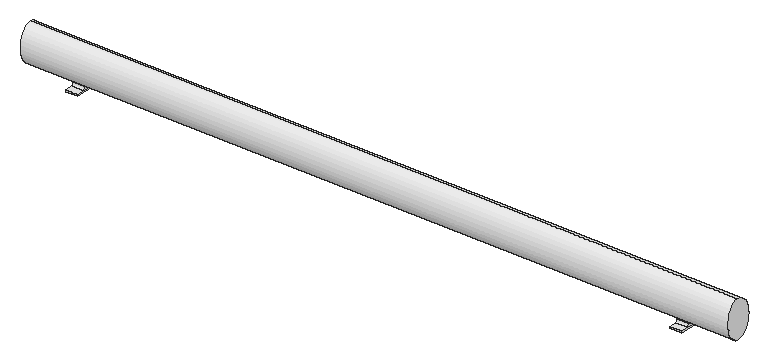
Revit family "Lighting-Linear-Acclaim-XTR DV", category Lighting Fixtures, host Face, Revit 2020
Family settings
  Host = Face
  Round Connector Dimension = Use Diameter
  Part Type = Normal
  Cut with Voids When Loaded = No
  Light Source = Yes
  Shared = No
  Room Calculation Point = No
Parameters
  Width = 1.73"
  Wattage = 9.2903 W
  built-in parameter 1150110 = 1 (stored number, unit not read)
  Voltage = 0 V
  URL = "http://www.acclaimlighting.com/"
  built-in parameter 1114217 = 1 (stored number, unit not read)
  Tilt Angle = -90.00°
  built-in parameter 1150109 = 1 (stored number, unit not read)
  built-in parameter 1150134 = 3
  built-in parameter 1150113 = 1 (stored number, unit not read)
  Power Factor = 1
  Photometric Web File = "Load File"
  Number of Poles = 1
  built-in parameter 1150142 = (empty or 0)
  Model = "Linear XTR DV"
  Manufacturer = "Acclaim Lighting"
  built-in parameter 1150105 = 109.82 (stored number, unit not read)
  Lumens = 1380 lm
  built-in parameter 1150115 = 1 (stored number, unit not read)
  built-in parameter 1150137 = (empty or 0)
  built-in parameter 1150139 = (empty or 0)
  Length = 48.00"
  built-in parameter 1150112 = 1 (stored number, unit not read)
  built-in parameter 1150114 = 1 (stored number, unit not read)
  Lamp = "LED"
  built-in parameter 1150132 = (empty or 0)
  built-in parameter 1150102 = (empty or 0)
  built-in parameter 1150107 = 3200 (stored number, unit not read)
  built-in parameter 1150138 = (empty or 0)
  built-in parameter 1150106 = 1.0982 (stored number, unit not read)
  Housing Finish = Aluminum
  Height = 2.78"
  Emit from Line Length = Length  # 48.00"
  built-in parameter 1150104 = 13.8 (stored number, unit not read)
  Dimming Lamp Color Temperature Shift = <None>
  Description = "Linear LED"
  Default Elevation = 48.00"
  Color Filter = 16777215
  built-in parameter 1114218 = 1 (stored number, unit not read)
  built-in parameter 1150133 = 10 (stored number, unit not read)
  Apparent Load = 0 VA
Reference planes (in)
  plane 1 "Center (Front/Back)": y = 0
  plane 2: z = 0
  plane 3 "Center (Left/Right)": x = 0
  plane 4: x = -2.86874
  plane 5: x = -2.08749
  plane 6: x = 2.06876
  plane 7: x = 2.85001
  plane 8: z = 2.78
  plane 9: y = 0.865
  plane 10: y = -0.865
  plane 11: x = -24
  plane 12: x = 24
  plane 13: y = 0.88591
  plane 14: y = -0.88591
Forms (in)
  Extrusion 1, solid, material "Aluminum"
    sketch origin (0, 0, 0) x (1, 0, 0) y (0, 1, 0)
      loop
        line (-20.86874, 0.88591) -> (-20.86874, -0.88591) -> (-20.08749, -0.88591) -> (-20.08749, 0.88591) -> (-20.86874, 0.88591)
    from 0 to 0.08906
  Extrusion 2, solid, material "Aluminum"
    sketch origin (0, 0, 0) x (-1, 0, 0) y (0, -1, 0)
      loop
        line (-20.86874, -0.88591) -> (-20.08749, -0.88591) -> (-20.08749, 0.88591) -> (-20.86874, 0.88591) -> (-20.86874, -0.88591)
    from 0 to 0.08906
  Extrusion 3, solid, material "Aluminum"
    sketch origin (0, 0, 0) x (0, 1, 0) y (0, 0, 1)
      loop
        arc (-0.28434, 0.28812) -> (-0.29316, 0.17861) -> (-0.3568, 0.08906) r 0.20692
        line (-0.3568, 0.08906) -> (0, 0.08906) -> (0.3568, 0.08906)
        arc (0.3568, 0.08906) -> (0.29316, 0.17861) -> (0.28434, 0.28812) r 0.20692
        line (0.28434, 0.28812) -> (0, 0.28812) -> (-0.28434, 0.28812)
    from 20.08749 to 20.86874
  Extrusion 4, solid, material "Aluminum"
    sketch origin (0, 0, 0) x (0, 1, 0) y (0, 0, -1)
      loop
        line (-0.28434, -0.28812) -> (0, -0.28812) -> (0.28434, -0.28812)
        arc (0.28434, -0.28812) -> (0.29316, -0.17861) -> (0.3568, -0.08906) r 0.20692
        line (0.3568, -0.08906) -> (0, -0.08906) -> (-0.3568, -0.08906)
        arc (-0.3568, -0.08906) -> (-0.29316, -0.17861) -> (-0.28434, -0.28812) r 0.20692
    from 20.08749 to 20.86874
  Extrusion 5, solid, material "Aluminum"
    sketch origin (0, 0, 0) x (0, 1, 0) y (0, 0, 1)
      loop
        spline (0, 0.28812) -> (0.22388, 0.33058) -> (0.4325, 0.45505) -> (0.61165, 0.65305) -> (0.74911, 0.91109) -> (0.83553, 1.21159) -> (0.865, 1.53406) -> (0.83553, 1.85653) -> (0.74911, 2.15703) -> (0.61165, 2.41507) -> (0.4325, 2.61308) -> (0.22388, 2.73755) -> (0, 2.78)
        spline (0, 2.78) -> (-0.22388, 2.73755) -> (-0.4325, 2.61308) -> (-0.61165, 2.41507) -> (-0.74911, 2.15703) -> (-0.83553, 1.85653) -> (-0.865, 1.53406) -> (-0.83553, 1.21159) -> (-0.74911, 0.91109) -> (-0.61165, 0.65305) -> (-0.4325, 0.45505) -> (-0.22388, 0.33058) -> (0, 0.28812)
    from -24 to 24
Dimensions and locks (in)
  equal spacing: plane 9, plane 1 "Center (Front/Back)", plane 10
  "Width": plane 9 to plane 10
  equal spacing: plane 11, plane 3 "Center (Left/Right)", plane 12
  "Length": plane 11 to plane 12
  "Height": plane 8 to host face
  Extrusion 2 to Extrusion 2 to plane 12 = 0.78125" locked, 3.13126" locked
  plane 11 to Extrusion 1 to Extrusion 1 = 3.13126" locked, 0.78125" locked
  equal spacing: plane 13, plane 1 "Center (Front/Back)", plane 14
  plane 13 to plane 14 = 1.77182"
  aligned and locked: plane 2 to host face
  aligned and locked: level to host face
  aligned and locked: plane 14 to Extrusion 2 sketch curve
  aligned and locked: Extrusion 2 sketch curve to plane 13
  aligned and locked: Extrusion 1 to Extrusion 2  (x2)
  aligned and locked: Extrusion 2 to Extrusion 3  (x2)
  aligned and locked: plane 12 to Extrusion 5
  aligned and locked: Extrusion 5 to plane 11
  aligned and locked: Extrusion 1 to Extrusion 4  (x2)
Automatic sketch dimensions
  host sketch curve to host sketch curve = 96.00"  (x2)
  plane 10 to Extrusion 1 sketch curve = 0.02091"
  plane 11 to Extrusion 1 sketch curve = 3.13126"
  Extrusion 1 sketch curve to Extrusion 1 sketch curve = 0.78125"
  Extrusion 1 sketch curve to plane 9 = 0.02091"
  plane 12 to Extrusion 2 sketch curve = 3.13126"
  Extrusion 2 sketch curve to Extrusion 2 sketch curve = 0.78125"
  Extrusion 3 sketch curve to plane 1 "Center (Front/Back)" = 0.00"  (x2)
  plane 1 "Center (Front/Back)" to Extrusion 3 sketch curve = 0.28434"
  level to Extrusion 3 sketch curve = 0.08906"
  Extrusion 3 sketch curve to Extrusion 3 sketch curve = 0.07245"  (x2)
  Extrusion 3 sketch curve to Extrusion 3 sketch curve = 0.13081"
  Extrusion 3 sketch curve to Extrusion 3 sketch curve = 0.28434"
  Extrusion 3 sketch curve to Extrusion 3 sketch curve = 0.20326"
  Extrusion 3 sketch curve to Extrusion 3 sketch curve = 0.16033"
  Extrusion 4 sketch curve to plane 1 "Center (Front/Back)" = 0.00"  (x2)
  plane 1 "Center (Front/Back)" to Extrusion 4 sketch curve = 0.28434"
  level to Extrusion 4 sketch curve = 0.08906"
  Extrusion 4 sketch curve to Extrusion 4 sketch curve = 0.07245"  (x2)
  Extrusion 4 sketch curve to Extrusion 4 sketch curve = 0.20326"  (x2)
  Extrusion 4 sketch curve to Extrusion 4 sketch curve = 0.28434"
  Extrusion 4 sketch curve to Extrusion 4 sketch curve = 0.16033"
  Extrusion 5 sketch curve to plane 1 "Center (Front/Back)" = 0.00"
  level to Extrusion 5 sketch curve = 0.28812"
  Extrusion 5 sketch curve to plane 8 = 1.24594"
Connectors (in)
  electrical at (24, 0, 1.53406), driven by "Number of Poles", driven by "Voltage", driven by "Apparent Load", driven by "Power Factor"
    settings: on Extrusion 5, index 1, voltage 0 V, apparent load 0 VA, apparent load phase1 0 VA, apparent load phase2 0 VA, apparent load phase3 0 VA, power factor 1, load classification "Other", number of poles 1, system type 31, power factor state 1, is connector primary yes, connector utility no, sub classification motor no, connector description "Power"
